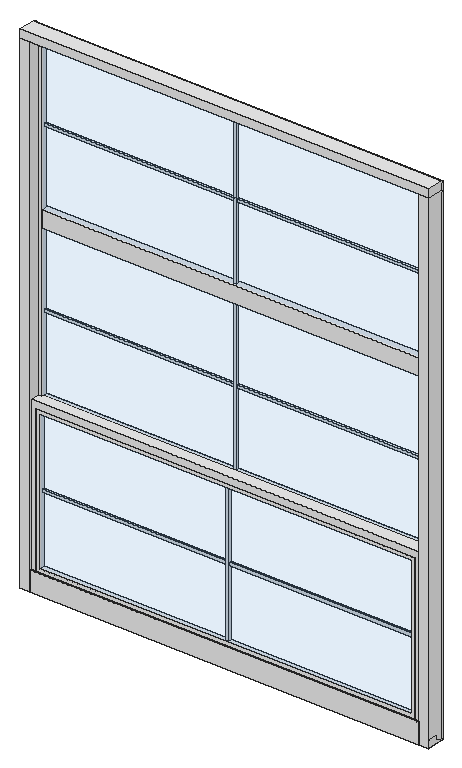
Revit family "Window_Curtain_Wall-Single_Hung-Traco-TR_9703-Heavy_Commercial", category Windows, Revit 2015 (continued)
Definition of nested family "Screen-Exterior-Traco-Half"
  Dimensions and locks (in)
    aligned and locked: Masking region 1 sketch curve to plane 12 "Top"
    aligned and locked: plane 4 "Bottom" to Masking region 1 sketch curve
    aligned and locked: Masking region 1 sketch curve to plane 7 "Left"
    aligned and locked: Masking region 2 sketch curve to plane 6 "Back"
    aligned and locked: Masking region 2 sketch curve to plane 7 "Left"
    aligned and locked: Masking region 2 sketch curve to plane 5 "Front"
    aligned and locked: Masking region 2 sketch curve to plane 8 "Right"
    aligned and locked: Masking region 2 sketch curve to plane 11 "Right Inset"
    aligned and locked: Masking region 2 sketch curve to plane 10 "Left Inset"
    aligned and locked: Masking region 2 sketch curve to plane 9 "Back Inset"
    aligned and locked: Masking region 2 sketch curve to plane 13 "Front Inset"
    aligned and locked: Extrusion 2 sketch curve to plane 9 "Back Inset"
    aligned and locked: Extrusion 2 sketch curve to plane 6 "Back"
    aligned and locked: Extrusion 2 sketch curve to plane 11 "Right Inset"
    aligned and locked: Extrusion 2 sketch curve to plane 8 "Right"
    aligned and locked: Extrusion 2 sketch curve to plane 10 "Left Inset"
    aligned and locked: Extrusion 2 sketch curve to plane 7 "Left"
    aligned and locked: Extrusion 2 sketch curve to plane 13 "Front Inset"
    aligned and locked: Extrusion 2 sketch curve to plane 5 "Front"
    aligned and locked: plane 12 "Top" to Extrusion 2
    aligned and locked: Extrusion 2 to plane 4 "Bottom"
    aligned and locked: curve 1 to Extrusion 2
    aligned and locked: curve 2 to Extrusion 2
    aligned and locked: curve 4 to Extrusion 2
    aligned and locked: Masking region 1 sketch curve to plane 8 "Right"
    aligned and locked: Masking region 3 sketch curve to plane 6 "Back"
    aligned and locked: Masking region 3 sketch curve to plane 5 "Front"
    aligned and locked: Masking region 3 sketch curve to plane 12 "Top"
    aligned and locked: Masking region 3 to plane 4 "Bottom"
    aligned and locked: plane 11 "Right Inset" to curve 8
    aligned and locked: plane 10 "Left Inset" to curve 7
    aligned and locked: plane 7 "Left" to curve 7
    aligned and locked: plane 10 "Left Inset" to curve 5
    aligned and locked: plane 11 "Right Inset" to curve 6
    aligned and locked: plane 5 "Front" to curve 8
    aligned and locked: plane 13 "Front Inset" to curve 8
    aligned and locked: plane 9 "Back Inset" to curve 6
    aligned and locked: plane 9 "Back Inset" to curve 5
    aligned and locked: plane 8 "Right" to curve 3
    aligned and locked: Extrusion 3 sketch curve to plane 9 "Back Inset"
    aligned and locked: Extrusion 3 sketch curve to plane 10 "Left Inset"
    aligned and locked: Extrusion 3 sketch curve to plane 13 "Front Inset"
    aligned and locked: Extrusion 3 sketch curve to plane 11 "Right Inset"
    aligned and locked: Extrusion 3 to plane 14 "Screen Bottom"
    aligned and locked: plane 12 "Top" to Extrusion 3
    aligned and locked: Masking region 1 sketch curve to plane 10 "Left Inset"
    aligned and locked: Masking region 1 sketch curve to plane 11 "Right Inset"
    aligned and locked: plane 11 "Right Inset" to curve 9
    aligned and locked: plane 14 "Screen Bottom" to curve 9
    aligned and locked: Masking region 3 sketch curve to plane 13 "Front Inset"
    aligned and locked: Masking region 3 sketch curve to plane 9 "Back Inset"
    aligned and locked: plane 13 "Front Inset" to curve 10
    aligned and locked: plane 9 "Back Inset" to curve 10
    aligned and locked: plane 14 "Screen Bottom" to curve 10
    aligned and locked: plane 6 "Back" to curve 6
    aligned and locked: plane 1 "Center (Front/Back)" to curve 12
    aligned and locked: plane 11 "Right Inset" to curve 12
    aligned and locked: plane 9 "Back Inset" to curve 11
    aligned and locked: plane 3 "Center (Left/Right)" to curve 11
    aligned and locked: plane 13 "Front Inset" to curve 12
    aligned and locked: plane 3 "Center (Left/Right)" to curve 12
    aligned and locked: plane 13 "Front Inset" to curve 13
    aligned and locked: plane 10 "Left Inset" to curve 11
    aligned and locked: plane 1 "Center (Front/Back)" to curve 11
    aligned and locked: plane 10 "Left Inset" to curve 14
    aligned and locked: plane 14 "Screen Bottom" to curve 14
    aligned and locked: plane 4 "Bottom" to curve 14
    aligned and locked: plane 14 "Screen Bottom" to curve 16
    aligned and locked: plane 4 "Bottom" to curve 16
    aligned and locked: curve 16 to plane 13 "Front Inset"
  Automatic sketch dimensions
    Extrusion 1 sketch curve to Extrusion 1 sketch curve = 8' - 0"  (x2)
    curve 15 to plane 4 "Bottom" = 0' - 0"
    Masking region 1 sketch curve to plane 4 "Bottom" = 0' - 0"
    Masking region 1 sketch curve to plane 12 "Top" = 0' - 0"
    Masking region 3 sketch curve to plane 4 "Bottom" = 0' - 0"  (x2)
    Masking region 3 sketch curve to plane 12 "Top" = 0' - 0"
    curve 17 to plane 4 "Bottom" = 0' - 0"
Definition of nested family "Muntin-Trapezoid-Traco-Single"
  Parameters
    Width Top = 0' - 0 7/16"
    Width Base = 0' - 1"
    URL = "http://www.alcoa.com/traco/en/home.asp"
    Product Page URL = "http://www.alcoa.com/traco/en/product.asp?prod_id=4228"
    Product Documentation Link = "http://www.alcoa.com/traco/en/cad_spec.asp?prod_id=4228&area=prod"
    Material [instance] = none
    Manufacturer = "Traco"  # constant formula
    Length [instance] = 1' - 0"
    Height = 0' - 0 5/8"
    Description = "Trapezoidal Profile"
    Copyright © = "2011 Traco"  # constant formula
  Reference planes (in)
    plane 1 "Center (Front/Back)": y = 0
    plane 2 "Original Bottom": z = 0
    plane 3 "Center (Left/Right)": x = 0
    plane 4 "Left": x = -6
    plane 5 "Right": x = 6
    plane 6 "Back": y = 0.5
    plane 7 "Front": y = -0.5
    plane 8 "Back Inset": y = 0.21875
    plane 9 "Front Inset": y = -0.21875
    plane 10 "Top": z = 0.625
    plane 11 "Bottom": z = 0
  Forms (in)
    Sweep 1, solid, material <- "Material", detail levels medium+fine
      path origin (0, 0, 0) x (0, -1, 0) y (1, 0, 0)
        loop
          line (0, 6) -> (0, -6)
      profile origin (0, 0, 0) x (0, -1, 0) y (0, 0, 1)
        loop
          line (0.5, 0) -> (0.21875, 0.625) -> (-0.21875, 0.625) -> (-0.5, 0) -> (0.5, 0)
  Lines and regions (in)
    Masking region 1, detail levels medium+fine
      outline origin (0, 0, 0) x (0, 1, 0) y (0, 0, 1)
        loop
          line (0.5, 0) -> (0.21875, 0.625) -> (-0.21875, 0.625) -> (-0.5, 0) -> (0.5, 0)
    Masking region 2, detail levels medium+fine
      outline origin (0, 0, 0) x (1, 0, 0) y (0, 1, 0)
        loop
          line (6, -0.5) -> (6, 0.5) -> (-6, 0.5) -> (-6, -0.5) -> (6, -0.5)
    Masking region 3, detail levels medium+fine
      outline origin (0, 0, 0) x (1, 0, 0) y (0, 0, 1)
        loop
          line (6, 0) -> (6, 0.625) -> (-6, 0.625) -> (-6, 0) -> (6, 0)
    symbolic lines, detail levels coarse
      curve 1: line (0, 0, 0) -> (0, 0, 0.625)
      curve 2: line (-6, 0, 0) -> (6, 0, 0)
      curve 3: line (-6, 0, 0) -> (-6, 0, 0.625)
      curve 4: line (-6, 0, 0.625) -> (6, 0, 0.625)
      curve 5: line (6, 0, 0.625) -> (6, 0, 0)
    model lines, detail levels coarse
      curve 6: line (-6, 0, 0) -> (6, 0, 0)
  Dimensions and locks (in)
    equal spacing: plane 4 "Left", plane 3 "Center (Left/Right)", plane 5 "Right"
    "Length": plane 4 "Left" to plane 5 "Right"
    equal spacing: plane 6 "Back", plane 1 "Center (Front/Back)", plane 7 "Front"
    "Width Base": plane 7 "Front" to plane 6 "Back"
    equal spacing: plane 8 "Back Inset", plane 1 "Center (Front/Back)", plane 9 "Front Inset"
    "Width Top": plane 9 "Front Inset" to plane 8 "Back Inset"
    locked: plane 11 "Bottom" to plane 2 "Original Bottom" at 0
    "Height": plane 10 "Top" to plane 11 "Bottom"
    aligned and locked: plane 2 "Original Bottom" to level
    aligned and locked: plane 4 "Left" to Sweep 1 sketch curve
    aligned and locked: Sweep 1 sketch curve to plane 1 "Center (Front/Back)"
    aligned and locked: plane 5 "Right" to Sweep 1 sketch curve
    aligned and locked: plane 7 "Front" to Sweep 1 sketch curve
    aligned and locked: plane 11 "Bottom" to Sweep 1 sketch curve  (x2)
    aligned and locked: plane 6 "Back" to Sweep 1 sketch curve
    aligned and locked: plane 10 "Top" to Sweep 1 sketch curve
    aligned and locked: plane 8 "Back Inset" to Sweep 1 sketch curve
    aligned and locked: plane 9 "Front Inset" to Sweep 1 sketch curve
    aligned and locked: Sweep 1 sketch curve to plane 10 "Top"
    aligned and locked: Masking region 1 sketch curve to plane 11 "Bottom"
    aligned and locked: plane 10 "Top" to Masking region 1 sketch curve
    aligned and locked: plane 8 "Back Inset" to Masking region 1 sketch curve
    aligned and locked: plane 9 "Front Inset" to Masking region 1 sketch curve
    aligned and locked: plane 7 "Front" to Masking region 1 sketch curve
    aligned and locked: plane 6 "Back" to Masking region 1 sketch curve
    aligned and locked: curve 1 to plane 1 "Center (Front/Back)"
    aligned and locked: plane 11 "Bottom" to curve 1
    aligned and locked: plane 10 "Top" to curve 1
    aligned and locked: plane 4 "Left" to curve 2
    aligned and locked: plane 5 "Right" to curve 2
    aligned and locked: plane 1 "Center (Front/Back)" to curve 2
    aligned and locked: Masking region 2 sketch curve to plane 4 "Left"
    aligned and locked: Masking region 2 sketch curve to plane 5 "Right"
    aligned and locked: Masking region 2 sketch curve to plane 6 "Back"
    aligned and locked: Masking region 2 sketch curve to plane 7 "Front"
    aligned and locked: Masking region 3 sketch curve to plane 4 "Left"
    aligned and locked: Masking region 3 sketch curve to plane 5 "Right"
    aligned and locked: plane 11 "Bottom" to Masking region 3 sketch curve
    aligned and locked: Masking region 3 sketch curve to plane 10 "Top"
    aligned and locked: plane 11 "Bottom" to curve 3
    aligned and locked: plane 11 "Bottom" to curve 5
    aligned and locked: curve 5 to plane 5 "Right"
    aligned and locked: curve 3 to plane 4 "Left"
    aligned and locked: curve 4 to plane 10 "Top"
    aligned and locked: plane 5 "Right" to curve 6
    aligned and locked: plane 4 "Left" to curve 6
    aligned and locked: plane 1 "Center (Front/Back)" to curve 6
Definition of nested family "Muntin-Grid-Traco-Lites"
  Parameters
    URL = "http://www.alcoa.com/traco/en/home.asp"
    Sash Height [instance] = 4' - 0"
    Muntin Vertical Count = if((Lite Vertical Count - 1) < 2, 2, (Lite Vertical Count - 1))  # 2
    Muntin Type = Muntin-Trapezoid-Traco-Single : H-081
    Muntin Horizontal Count = if((Lite Horizontal Count - 1) < 2, 2, (Lite Horizontal Count - 1))  # 2
    Material [instance] = none
    Manufacturer = "Traco"  # constant formula
    Lite Vertical Count = 3
    Lite Horizontal Count = 3
    Length [instance] = 4' - 0"
    Has True Muntins = no
    Has Interior Muntins = no
    Has Exterior Muntins = yes
    Glazing Thickness [instance] = 0' - 0 7/8"
    Default Elevation = 4' - 0"
    Copyright © = "2011 Traco"  # constant formula
    CTRL Muntin Vertical Distance [instance] = Sash Height / (Lite Vertical Count)  # 1' - 4"
    CTRL Muntin Horizontal Distance [instance] = Length / (Lite Horizontal Count)  # 1' - 4"
    CTRL Face Offset [instance] = if(Has Interior Muntins, 0' 0 1/4", if(Has Exterior Muntins, Glazing Thickness, Glazing Thickness / 2))  # 0' - 0 7/8"
    CTRL Bar Vertical Visibility [instance] = Lite Vertical Count = 2  # no
    CTRL Bar Horizontal Visibility [instance] = Lite Horizontal Count = 2  # no
    CTRL Array Vertical Visibility [instance] = Lite Vertical Count > 2  # yes
    CTRL Array Horizontal Visibility [instance] = Lite Horizontal Count > 2  # yes
    Assembly Code = "B2020110"
  Reference planes (in)
    plane 1 "Center (Front/Back)": y = 0
    plane 2 "Original  Bottom": z = 0
    plane 3 "Center (Left/Right)": x = 0
    plane 4 "Left": x = -24
    plane 5 "Right": x = 24
    plane 6 "Bottom": z = 0.4375
    plane 7 "Glass Top": z = 0.4375
    plane 8 "Glass Bottom": z = -0.4375
    plane 9 "Back": y = 24
    plane 10 "Front": y = -24
    plane 11 "Bar 1 Vertical": y = -8
    plane 12 "Bar Last Vertical": y = 8
    plane 13 "Bar Last Horizontal": x = 8
    plane 14 "Bar 1 Horizontal": x = -8
  Forms (in)
    Extrusion 1, solid
      sketch origin (0, 0, 0) x (1, 0, 0) y (0, 1, 0)
        loop
          line (-48, 48) -> (-48, -48) -> (48, -48) -> (48, 48) -> (-48, 48)
      from 0 to -12
  Dimensions and locks (in)
    equal spacing: plane 4 "Left", plane 3 "Center (Left/Right)", plane 5 "Right"
    "Length": plane 4 "Left" to plane 5 "Right"
    "Glazing Thickness": plane 7 "Glass Top" to plane 8 "Glass Bottom"
    equal spacing: plane 9 "Back", plane 1 "Center (Front/Back)", plane 10 "Front"
    "Sash Height": plane 10 "Front" to plane 9 "Back"
    "CTRL Muntin Vertical Distance": plane 10 "Front" to plane 11 "Bar 1 Vertical"
    "CTRL Muntin Vertical Distance": plane 12 "Bar Last Vertical" to plane 9 "Back"
    "CTRL Muntin Horizontal Distance": plane 4 "Left" to plane 14 "Bar 1 Horizontal"
    "CTRL Muntin Horizontal Distance": plane 13 "Bar Last Horizontal" to plane 5 "Right"
    equal spacing: plane 7 "Glass Top", plane 2 "Original  Bottom", plane 8 "Glass Bottom"
    group 1 to group 2 = 0' - 0"  (x2)
    group 1 to group 2 = 1' - 4"
    group 3 to group 4 = 1' - 4"
    group 3 to group 4 = 0' - 0"  (x2)
    "CTRL Face Offset": plane 6 "Bottom" to plane 8 "Glass Bottom"
    aligned and locked: plane 2 "Original  Bottom" to Extrusion 1
    aligned and locked: level to Extrusion 1
    aligned and locked: plane 6 "Bottom" to nested 1
    aligned and locked: plane 6 "Bottom" to nested 3
    aligned and locked: plane 6 "Bottom" to nested 2
    aligned and locked: plane 6 "Bottom" to nested 4
    aligned and locked: nested 3 to plane 11 "Bar 1 Vertical"
    aligned and locked: nested 4 to plane 14 "Bar 1 Horizontal"
    aligned and locked: nested 3 to plane 3 "Center (Left/Right)"
    aligned and locked: plane 1 "Center (Front/Back)" to nested 4
    aligned and locked: plane 3 "Center (Left/Right)" to nested 2
    aligned and locked: nested 2 to plane 1 "Center (Front/Back)"
    aligned and locked: plane 1 "Center (Front/Back)" to nested 1
    aligned and locked: plane 3 "Center (Left/Right)" to nested 1
    aligned and locked: nested 5 to plane 3 "Center (Left/Right)"
    aligned and locked: plane 1 "Center (Front/Back)" to nested 6
    aligned and locked: plane 6 "Bottom" to nested 6
    aligned and locked: nested 5 to plane 12 "Bar Last Vertical"
    aligned and locked: nested 6 to plane 13 "Bar Last Horizontal"
    aligned and locked: plane 6 "Bottom" to nested 5
  Automatic sketch dimensions
    Extrusion 1 sketch curve to Extrusion 1 sketch curve = 8' - 0"  (x2)
  Nested families (in)
    nested 1: "Muntin-Trapezoid-Traco-Single" at (0, 0, 0.4375), Length <- "Length", visible <- "CTRL Bar Vertical Visibility", type <- "Muntin Type", Material <- "Material", type "H-081"
      with Material none, Length 4' - 0"
    nested 2: "Muntin-Trapezoid-Traco-Single" at (0, 0, 0.4375) x (0, 1, 0) z (0, 0, 1), Length <- "Sash Height", visible <- "CTRL Bar Horizontal Visibility", type <- "Muntin Type", Material <- "Material", type "H-081"
      with Material none, Length 4' - 0"
    nested 3: "Muntin-Trapezoid-Traco-Single" at (0, -8, 0.4375) x (-1, 0, 0) z (0, 0, 1), Length <- "Length", visible <- "CTRL Array Horizontal Visibility", type <- "Muntin Type", Material <- "Material", type "H-081"
      with Material none, Length 4' - 0"
    nested 4: "Muntin-Trapezoid-Traco-Single" at (-8, 0, 0.4375) x (0, -1, 0) z (0, 0, 1), Length <- "Sash Height", visible <- "CTRL Array Horizontal Visibility", type <- "Muntin Type", Material <- "Material", type "H-081"
      with Material none, Length 4' - 0"
    nested 5: "Muntin-Trapezoid-Traco-Single" at (0, 8, 0.4375) x (-1, 0, 0) z (0, 0, 1), Length <- "Length", visible <- "CTRL Array Horizontal Visibility", type <- "Muntin Type", Material <- "Material", type "H-081"
      with Material none, Length 4' - 0"
    nested 6: "Muntin-Trapezoid-Traco-Single" at (8, 0, 0.4375) x (0, -1, 0) z (0, 0, 1), Length <- "Sash Height", visible <- "CTRL Array Horizontal Visibility", type <- "Muntin Type", Material <- "Material", type "H-081"
      with Material none, Length 4' - 0"
  Definition of nested family "Muntin-Trapezoid-Traco-Single"
    Parameters
      Width Top = 0' - 0 7/16"
      Width Base = 0' - 1"
      URL = "http://www.alcoa.com/traco/en/home.asp"
      Product Page URL = "http://www.alcoa.com/traco/en/product.asp?prod_id=4228"
      Product Documentation Link = "http://www.alcoa.com/traco/en/cad_spec.asp?prod_id=4228&area=prod"
      Material [instance] = none
      Manufacturer = "Traco"  # constant formula
      Length [instance] = 1' - 0"
      Height = 0' - 0 5/8"
      Description = "Trapezoidal Profile"
      Copyright © = "2011 Traco"  # constant formula
    Reference planes (in)
      plane 1 "Center (Front/Back)": y = 0
      plane 2 "Original Bottom": z = 0
      plane 3 "Center (Left/Right)": x = 0
      plane 4 "Left": x = -6
      plane 5 "Right": x = 6
      plane 6 "Back": y = 0.5
      plane 7 "Front": y = -0.5
      plane 8 "Back Inset": y = 0.21875
      plane 9 "Front Inset": y = -0.21875
      plane 10 "Top": z = 0.625
      plane 11 "Bottom": z = 0
    Forms (in)
      Sweep 1, solid, material <- "Material", detail levels medium+fine
        path origin (0, 0, 0) x (0, -1, 0) y (1, 0, 0)
          loop
            line (0, 6) -> (0, -6)
        profile origin (0, 0, 0) x (0, -1, 0) y (0, 0, 1)
          loop
            line (0.5, 0) -> (0.21875, 0.625) -> (-0.21875, 0.625) -> (-0.5, 0) -> (0.5, 0)
    Lines and regions (in)
      Masking region 1, detail levels medium+fine
        outline origin (0, 0, 0) x (0, 1, 0) y (0, 0, 1)
          loop
            line (0.5, 0) -> (0.21875, 0.625) -> (-0.21875, 0.625) -> (-0.5, 0) -> (0.5, 0)
      Masking region 2, detail levels medium+fine
        outline origin (0, 0, 0) x (1, 0, 0) y (0, 1, 0)
          loop
            line (6, -0.5) -> (6, 0.5) -> (-6, 0.5) -> (-6, -0.5) -> (6, -0.5)
      Masking region 3, detail levels medium+fine
        outline origin (0, 0, 0) x (1, 0, 0) y (0, 0, 1)
          loop
            line (6, 0) -> (6, 0.625) -> (-6, 0.625) -> (-6, 0) -> (6, 0)
      symbolic lines, detail levels coarse
        curve 1: line (0, 0, 0) -> (0, 0, 0.625)
        curve 2: line (-6, 0, 0) -> (6, 0, 0)
        curve 3: line (-6, 0, 0) -> (-6, 0, 0.625)
        curve 4: line (-6, 0, 0.625) -> (6, 0, 0.625)
        curve 5: line (6, 0, 0.625) -> (6, 0, 0)
      model lines, detail levels coarse
        curve 6: line (-6, 0, 0) -> (6, 0, 0)
    Dimensions and locks (in)
      equal spacing: plane 4 "Left", plane 3 "Center (Left/Right)", plane 5 "Right"
      "Length": plane 4 "Left" to plane 5 "Right"
      equal spacing: plane 6 "Back", plane 1 "Center (Front/Back)", plane 7 "Front"
      "Width Base": plane 7 "Front" to plane 6 "Back"
      equal spacing: plane 8 "Back Inset", plane 1 "Center (Front/Back)", plane 9 "Front Inset"
      "Width Top": plane 9 "Front Inset" to plane 8 "Back Inset"
      locked: plane 11 "Bottom" to plane 2 "Original Bottom" at 0
      "Height": plane 10 "Top" to plane 11 "Bottom"
      aligned and locked: plane 2 "Original Bottom" to level
      aligned and locked: plane 4 "Left" to Sweep 1 sketch curve
      aligned and locked: Sweep 1 sketch curve to plane 1 "Center (Front/Back)"
      aligned and locked: plane 5 "Right" to Sweep 1 sketch curve
      aligned and locked: plane 7 "Front" to Sweep 1 sketch curve
      aligned and locked: plane 11 "Bottom" to Sweep 1 sketch curve  (x2)
      aligned and locked: plane 6 "Back" to Sweep 1 sketch curve
      aligned and locked: plane 10 "Top" to Sweep 1 sketch curve
      aligned and locked: plane 8 "Back Inset" to Sweep 1 sketch curve
      aligned and locked: plane 9 "Front Inset" to Sweep 1 sketch curve
      aligned and locked: Sweep 1 sketch curve to plane 10 "Top"
      aligned and locked: Masking region 1 sketch curve to plane 11 "Bottom"
      aligned and locked: plane 10 "Top" to Masking region 1 sketch curve
      aligned and locked: plane 8 "Back Inset" to Masking region 1 sketch curve
      aligned and locked: plane 9 "Front Inset" to Masking region 1 sketch curve
      aligned and locked: plane 7 "Front" to Masking region 1 sketch curve
      aligned and locked: plane 6 "Back" to Masking region 1 sketch curve
      aligned and locked: curve 1 to plane 1 "Center (Front/Back)"
      aligned and locked: plane 11 "Bottom" to curve 1
      aligned and locked: plane 10 "Top" to curve 1
      aligned and locked: plane 4 "Left" to curve 2
      aligned and locked: plane 5 "Right" to curve 2
      aligned and locked: plane 1 "Center (Front/Back)" to curve 2
      aligned and locked: Masking region 2 sketch curve to plane 4 "Left"
      aligned and locked: Masking region 2 sketch curve to plane 5 "Right"
      aligned and locked: Masking region 2 sketch curve to plane 6 "Back"
      aligned and locked: Masking region 2 sketch curve to plane 7 "Front"
      aligned and locked: Masking region 3 sketch curve to plane 4 "Left"
      aligned and locked: Masking region 3 sketch curve to plane 5 "Right"
      aligned and locked: plane 11 "Bottom" to Masking region 3 sketch curve
      aligned and locked: Masking region 3 sketch curve to plane 10 "Top"
      aligned and locked: plane 11 "Bottom" to curve 3
      aligned and locked: plane 11 "Bottom" to curve 5
      aligned and locked: curve 5 to plane 5 "Right"
      aligned and locked: curve 3 to plane 4 "Left"
      aligned and locked: curve 4 to plane 10 "Top"
      aligned and locked: plane 5 "Right" to curve 6
      aligned and locked: plane 4 "Left" to curve 6
      aligned and locked: plane 1 "Center (Front/Back)" to curve 6
Types (4): name | Type Comments | Model | Glazing Thickness
  (no name) | "Single Hung 3-Lite Standard" | "TR-9703" | 0' - 0 3/4"
  TR-9703 - SH/Fixed-Top | "Single Hung 3-Lite Standard" | "TR-9703" | 0' - 0 3/4"
  TR-9703 - SH/Fixed-Top - w/Class 5 Balances | "Single Hung 3-Lite Class 5 Balances" | "TR-9703U" | 0' - 0 3/4"
  TR-9703 - SH/Fixed Top - Single Glazed | "Single Hung 3-Lite Single Glazed" | "TR-9703" | 0' - 0 1/4"
